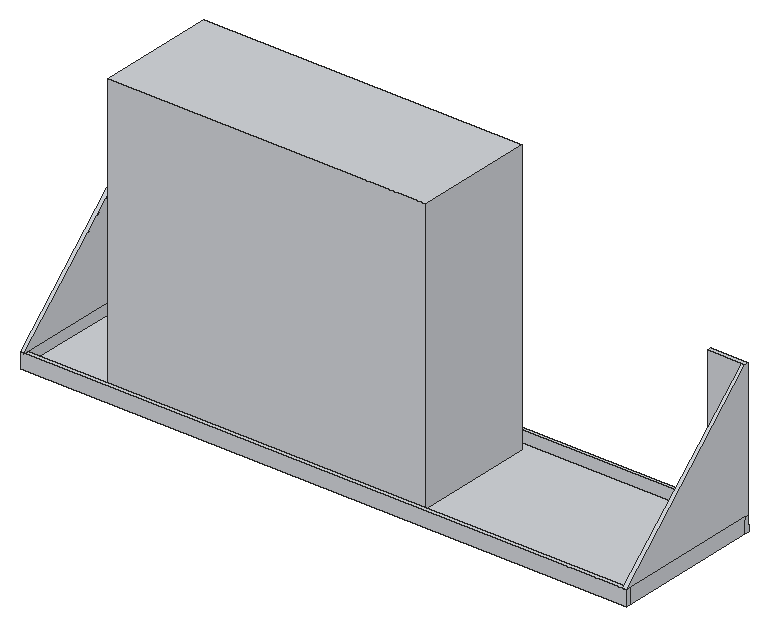
Revit family "Elevator_Accessories_Garaventa_UPS-Shelf", category Generic Models, Revit 2026
Family settings
  Can host rebar = No
  Round Connector Dimension = Use Diameter
  Part Type = Normal
  Classification Number = 23.50.05.11.24.14
  Work Plane-Based = Yes
  Always vertical = No
  Cut with Voids When Loaded = No
  Maintain Annotation Orientation = No
  Shared = No
  Room Calculation Point = No
Parameters (values of type "as Specified")
  Warranty Duration (Years) = 0
  Unit Width = 1' - 8"
  Unit Height = 0' - 9"
  Unit Depth = 0' - 5"
  URL = "http://www.garaventalift.com/en.html"
  Specification = "http://www.arcat.com/sdspecs/htm04/14_20_10gar.htm"
  SpecWizard = "http://www.arcat.com/specwizard/14205gar/index04.htm"
  Send Message = ""
  Sales Information = "http://www.garaventalift.com/en/contact-us.html"
  Revision = "R1_2017-06"
  Product Properties = ""
  Product Data = "http://www.arcat.com/arcatcos/cos32/arc32685.html"
  Number of Poles [instance] = 1
  Mounting Height [instance] = 2' - 7"
  Model = "UPS with Shelf"
  Manufacturer Website = "http://www.garaventalift.com/en.html"
  Manufacturer Phone - Toll Free = "800-663-6556"
  Manufacturer Phone = "604-594-0422"
  Manufacturer Fax = "604-594-9915"
  Manufacturer Address = "P. O. Box 1769  Blaine, WA  98231-1769"
  Manufacturer = "Garaventa Lift"
  Maintenance Schedule (Months) = 0
  Keynote = "14 20 00"
  Installation-Fabrication = ""
  Installation Phase = ""
  Green Building-LEED = "http://www.arcat.com/green/clients/leed_data_32685.html"
  Expected Lifespan (Years) = 0
  Electrical_Voltage [instance] = 0 V
  Electrical_VA [instance] = Electrical_Voltage * Electrical_Amperage  # 0 VA
  Electrical_Phase [instance] = 1
  Electrical_Frequency [instance] = 0 Hz
  Electrical_Amperage [instance] = 0 A
  Drawn By = "Sumex Design, Inc. / Robert S. Weygant, CSI, CDT, SCIP"
  Description = "Garaventa Lift UPS with Shelf"
  Default Elevation = 0' - 0"
  Copyright = "©Arcat Inc."
  Construction Details = "http://www.arcat.com/details/garavent/garavent.html?coid=32685"
  Assembly Code = "D1010"
Reference planes (in)
  plane 1 "Center (Front/Back)": y = 0
  plane 2 "Bottom": z = 0
  plane 3 "Center (Left/Right)": x = 0
  plane 4: z = 31
Forms (in)
  Extrusion 1, solid
    sketch origin (0, 0, 0) x (1, 0, 0) y (0, 0, 1)
      loop
        line (10, 31) -> (10, 31.5) -> (-10, 31.5) -> (-10, 31) -> (10, 31)
    from 0 to 0.125
  Extrusion 2, solid
    sketch origin (0, 0, 0) x (1, 0, 0) y (0, 0, 1)
      loop
        line (10, 31) -> (10, 31.5) -> (-10, 31.5) -> (-10, 31) -> (10, 31)
    from 4.875 to 5
  Extrusion 3, solid
    sketch origin (0, 0, 0) x (1, 0, 0) y (0, 0, 1)
      loop
        line (-10, 31.5) -> (-10, 31) -> (10, 31) -> (10, 31.5) -> (9.875, 31.5) -> (9.875, 31.125) -> (-9.875, 31.125) -> (-9.875, 31.5) -> (-10, 31.5)
    from 0.125 to 4.875
  Extrusion 4, solid
    sketch origin (0, 0, 0) x (1, 0, 0) y (0, 0, 1)
      loop
        line (-10, 31.5) -> (-8.75, 31.5) -> (-8.75, 36) -> (-10, 36) -> (-10, 31.5)
      loop
        line (10, 31.5) -> (10, 36) -> (8.75, 36) -> (8.75, 31.5) -> (10, 31.5)
    from 0 to 0.125
  Extrusion 5, solid
    sketch origin (0, 0, 0) x (0, 1, 0) y (0, 0, 1)
      loop
        line (-5, 31.5) -> (0, 31.5) -> (0, 36) -> (-0.125, 36) -> (-5, 31.5)
    from 9.875 to 10
  Extrusion 6, solid
    sketch origin (0, 0, 0) x (0, 1, 0) y (0, 0, -1)
      loop
        line (-5, -31.5) -> (-0.125, -36) -> (0, -36) -> (0, -31.5) -> (-5, -31.5)
    from 9.875 to 10
  Extrusion 7, solid
    sketch origin (0, 0, 0) x (1, 0, 0) y (0, 0, 1)
      loop
        line (-7.625, 31.125) -> (2.875, 31.125) -> (2.875, 40.125) -> (-7.625, 40.125) -> (-7.625, 31.125)
    from 0.42248 to 4.37815
Cuts and joins
  joined: Extrusion 4, Extrusion 5, Extrusion 6
Dimensions and locks (in)
  "Mounting Height": plane 4 to level
Automatic sketch dimensions
  Extrusion 1 sketch curve to plane 4 = 0' - 0"
  Extrusion 1 sketch curve to plane 3 "Center (Left/Right)" = 0' - 10"
  plane 4 to Extrusion 1 sketch curve = 0' - 0 1/2"
  plane 3 "Center (Left/Right)" to Extrusion 1 sketch curve = 0' - 10"
  Extrusion 2 sketch curve to plane 4 = 0' - 0"
  Extrusion 2 sketch curve to plane 3 "Center (Left/Right)" = 0' - 10"
  plane 4 to Extrusion 2 sketch curve = 0' - 0 1/2"
  plane 3 "Center (Left/Right)" to Extrusion 2 sketch curve = 0' - 10"
  Extrusion 3 sketch curve to plane 4 = 0' - 0"
  Extrusion 3 sketch curve to plane 3 "Center (Left/Right)" = 0' - 10"
  Extrusion 3 sketch curve to Extrusion 3 sketch curve = 0' - 0 1/8"  (x2)
  plane 4 to Extrusion 3 sketch curve = 0' - 0 1/8"
  plane 3 "Center (Left/Right)" to Extrusion 3 sketch curve = 0' - 9 7/8"
  Extrusion 3 sketch curve to Extrusion 3 sketch curve = 0' - 0 3/8"  (x2)
  plane 4 to Extrusion 4 sketch curve = 0' - 0 1/2"  (x2)
  Extrusion 4 sketch curve to plane 3 "Center (Left/Right)" = 0' - 10"
  Extrusion 4 sketch curve to Extrusion 4 sketch curve = 0' - 1 1/4"  (x2)
  plane 3 "Center (Left/Right)" to Extrusion 4 sketch curve = 0' - 8 3/4"
  Extrusion 4 sketch curve to Extrusion 4 sketch curve = 0' - 4 1/2"  (x2)
  Extrusion 5 sketch curve to plane 1 "Center (Front/Back)" = 0' - 0"
  Extrusion 5 sketch curve to Extrusion 5 sketch curve = 0' - 0 1/8"
  plane 4 to Extrusion 5 sketch curve = 0' - 0 1/2"
  Extrusion 5 sketch curve to Extrusion 5 sketch curve = 0' - 5"
  Extrusion 5 sketch curve to Extrusion 5 sketch curve = 0' - 4 1/2"
  Extrusion 6 sketch curve to plane 1 "Center (Front/Back)" = 0' - 0"
  Extrusion 6 sketch curve to Extrusion 6 sketch curve = 0' - 0 1/8"
  plane 4 to Extrusion 6 sketch curve = 0' - 0 1/2"
  Extrusion 6 sketch curve to Extrusion 6 sketch curve = 0' - 5"
  Extrusion 6 sketch curve to Extrusion 6 sketch curve = 0' - 4 1/2"
  Extrusion 7 sketch curve to plane 3 "Center (Left/Right)" = 0' - 7 5/8"
  plane 3 "Center (Left/Right)" to Extrusion 7 sketch curve = 0' - 2 7/8"
  plane 4 to Extrusion 7 sketch curve = 0' - 9 1/8"
  plane 4 to Extrusion 7 sketch curve = 0' - 0 1/8"
